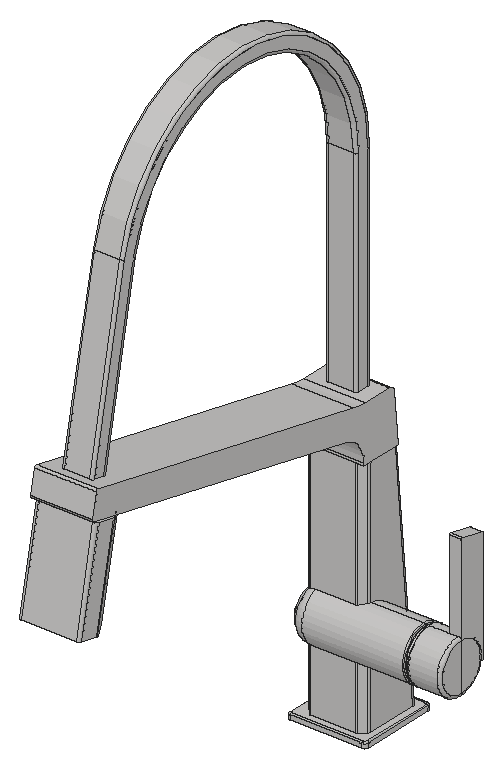
Revit family "fg9693-dst_bim", category Plumbing Fixtures, host Face, Revit 2014
Parameters (values of type "Standard")
  Width = 2 5/32"  # constant formula
  Vent Connection = no
  URL = ""
  Manufacturer = ""
  Faucet Material = Metal - Delta - Stainless-Steel
  Model = "fg9693"  # constant formula
  Height = 18 19/32"  # constant formula
  Description = "Faucet"  # constant formula
  Depth = 2 1/4"  # constant formula
  Default Elevation = 0"
Reference planes (in)
  plane 1 "Center (Front/Back)": y = 0
  plane 2: z = 0
  plane 3 "Center (Left/Right)": x = 0
  plane 4: y = 1.125
  plane 5: y = -1.125
  plane 6: z = 18.59375
  plane 7: x = 10.125
  plane 8: x = -1.07812
  plane 9: x = 1.07813
Forms (in)
  Sweep 1, solid, material "Metal - Delta - Stainless-Steel" <- "Faucet Material"
    path origin (0, 0, 0) x (1, 0, 0) y (0, 1, 0)
      loop
        arc (-0.98088, 1.125) -> (-1.04964, 1.09652) -> (-1.07812, 1.02775) r 0.09725
        line (-1.07812, 1.02775) -> (-1.07812, -1.03928)
        arc (-1.07812, -1.03928) -> (-1.05302, -1.09989) -> (-0.9924, -1.125) r 0.08572
        line (-0.9924, -1.125) -> (0.9842, -1.125)
        arc (0.9842, -1.125) -> (1.05062, -1.09749) -> (1.07813, -1.03108) r 0.09392
        line (1.07813, -1.03108) -> (1.07813, 1.02789)
        arc (1.07813, 1.02789) -> (1.04968, 1.09656) -> (0.98101, 1.125) r 0.09711
        line (0.98101, 1.125) -> (-0.98088, 1.125)
    profile origin (0.00007, 1.125, 0) x (0, 1, 0) y (0, 0, 1)
      loop
        line (0, 0) -> (0, 0.11957)
        arc (0, 0.11957) -> (-0.00891, 0.14109) -> (-0.03043, 0.15) r 0.03043
        line (-0.03043, 0.15) -> (-0.0667, 0.15) -> (-0.0667, 0) -> (0, 0)
  Extrusion 2, solid, material "Metal - Delta - Stainless-Steel" <- "Faucet Material"
    sketch origin (-0.98088, 1.0583, 0.15) x (1, 0, 0) y (0, 1, 0)
      loop
        line (-0.03055, -2.1166) -> (1.96508, -2.1166)
        arc (1.96508, -2.1166) -> (1.98433, -2.10863) -> (1.9923, -2.08937) r 0.02722
        line (1.9923, -2.08937) -> (1.9923, -0.03041)
        arc (1.9923, -0.03041) -> (1.98339, -0.00891) -> (1.96189, 0) r 0.03041
        line (1.96189, 0) -> (0, 0)
        arc (0, 0) -> (-0.0216, -0.00895) -> (-0.03055, -0.03055) r 0.03055
        line (-0.03055, -0.03055) -> (-0.03055, -2.1166)
    from 0 to -0.15
  Blend 3, solid, material "Metal - Delta - Stainless-Steel" <- "Faucet Material"
    base sketch origin (0, 0, 0) x (1, 0, 0) y (0, 1, 0)
      loop
        arc (-0.7686, 0.88698) -> (-0.82616, 0.86314) -> (-0.85, 0.80558) r 0.0814
        line (-0.85, 0.80558) -> (-0.85, -0.66602)
        arc (-0.85, -0.66602) -> (-0.84376, -0.69741) -> (-0.82597, -0.72403) r 0.08203
        line (-0.82597, -0.72403) -> (-0.67403, -0.87597)
        arc (-0.67403, -0.87597) -> (-0.64741, -0.89376) -> (-0.61602, -0.9) r 0.08203
        line (-0.61602, -0.9) -> (0.61602, -0.9)
        arc (0.61602, -0.9) -> (0.64741, -0.89376) -> (0.67403, -0.87597) r 0.08203
        line (0.67403, -0.87597) -> (0.82597, -0.72403)
        arc (0.82597, -0.72403) -> (0.84376, -0.69741) -> (0.85, -0.66602) r 0.08203
        line (0.85, -0.66602) -> (0.85, 0.80333)
        arc (0.85, 0.80333) -> (0.8255, 0.86248) -> (0.76634, 0.88698) r 0.08366
        line (0.76634, 0.88698) -> (-0.7686, 0.88698)
    top sketch origin (0, 0, 0) x (1, 0, 0) y (0, 1, 0)
      loop
        line (-0.61602, -0.9) -> (0.61602, -0.9)
        arc (0.61602, -0.9) -> (0.64741, -0.89376) -> (0.67403, -0.87597) r 0.08203
        line (0.67403, -0.87597) -> (0.82597, -0.72403)
        arc (0.82597, -0.72403) -> (0.84376, -0.69741) -> (0.85, -0.66602) r 0.08203
        line (0.85, -0.66602) -> (0.85, 0.19096)
        arc (0.85, 0.19096) -> (0.82597, 0.24897) -> (0.76797, 0.27299) r 0.08203
        line (0.76797, 0.27299) -> (-0.76797, 0.27299)
        arc (-0.76797, 0.27299) -> (-0.82597, 0.24897) -> (-0.85, 0.19096) r 0.08203
        line (-0.85, 0.19096) -> (-0.85, -0.66602)
        arc (-0.85, -0.66602) -> (-0.84376, -0.69741) -> (-0.82597, -0.72403) r 0.08203
        line (-0.82597, -0.72403) -> (-0.67403, -0.87597)
        arc (-0.67403, -0.87597) -> (-0.64741, -0.89376) -> (-0.61602, -0.9) r 0.08203
    from 0.15 to 6.835
  Revolve 4, solid, material "Metal - Delta - Stainless-Steel" <- "Faucet Material"
    sketch origin (0, -0.67969, 0.13438) x (1, 0, 0) y (0, 0, 1)
      loop
        line (2.3231, 3.22892) -> (-0.46233, 3.22892)
        arc (-0.46233, 3.22892) -> (-0.58879, 3.20662) -> (-0.69999, 3.14241) r 0.36973
        line (-0.69999, 3.14241) -> (-0.79625, 3.06165)
        arc (-0.79625, 3.06165) -> (-0.8359, 3.00997) -> (-0.85, 2.94637) r 0.15048
        line (-0.85, 2.94637) -> (-0.85, 2.50138) -> (2.65549, 2.50138) -> (2.65549, 2.87825)
        arc (2.65549, 2.87825) -> (2.64762, 2.92576) -> (2.62486, 2.96821) r 0.14739
        arc (2.62486, 2.96821) -> (2.51741, 3.08022) -> (2.38843, 3.16656) r 0.7191
        arc (2.38843, 3.16656) -> (2.36957, 3.17215) -> (2.35, 3.1702) r 0.0511
        line (2.35, 3.1702) -> (2.35, 3.20202)
        arc (2.35, 3.20202) -> (2.34212, 3.22104) -> (2.3231, 3.22892) r 0.0269
      axis (2.65549, 2.50138) -> (-0.85, 2.50138)
    angle from 0 to 360
  Revolve 5, solid, material "Metal - Delta - Stainless-Steel" <- "Faucet Material"
    sketch origin (0, -0.67969, 0.13438) x (1, 0, 0) y (0, 0, 1)
      loop
        line (2.46886, 3.15222) -> (3.21542, 3.15222) -> (3.21542, 2.50088) -> (3.36886, 2.50088) -> (3.36886, 3.15257)
        arc (3.36886, 3.15257) -> (3.34511, 3.20991) -> (3.28777, 3.23366) r 0.08109
        line (3.28777, 3.23366) -> (2.48954, 3.23366)
        arc (2.48954, 3.23366) -> (2.47492, 3.2276) -> (2.46886, 3.21298) r 0.02068
        line (2.46886, 3.21298) -> (2.46886, 3.15222)
      axis (3.36886, 2.50088) -> (2.46886, 2.50088)
    angle from 0 to 360
  Extrusion 6, solid, material "Metal - Delta - Stainless-Steel" <- "Faucet Material"
    sketch origin (0, 0.02344, 0.13438) x (0, 1, 0) y (0, 0, 1)
      loop
        arc (0.03, 5.51599) -> (0.02142, 5.54023) -> (-0.00051, 5.55367) r 0.03852
        line (-0.00051, 5.55367) -> (-0.65408, 5.69259)
        arc (-0.65408, 5.69259) -> (-0.68591, 5.68495) -> (-0.7, 5.65541) r 0.03801
        line (-0.7, 5.65541) -> (-0.7, 2.36469) -> (0.03, 2.36469) -> (0.03, 5.51599)
    from 3.03683 to 3.36886
  Extrusion 7, solid, material "Metal - Delta - Stainless-Steel" <- "Faucet Material"
    sketch origin (0, 0, 0) x (0, 1, 0) y (0, 0, 1)
      loop
        line (0.273, 6.835) -> (0.14392, 8.23276)
        arc (0.14392, 8.23276) -> (0.09243, 8.33624) -> (-0.01534, 8.378) r 0.15994
        line (-0.01534, 8.378) -> (-0.8338, 8.378)
        arc (-0.8338, 8.378) -> (-1.04905, 8.38928) -> (-1.26194, 8.423) r 2.05923
        line (-1.26194, 8.423) -> (-10.0734, 10.29593)
        arc (-10.0734, 10.29593) -> (-10.11217, 10.28875) -> (-10.13451, 10.25625) r 0.05152
        line (-10.13451, 10.25625) -> (-10.27136, 9.61243)
        arc (-10.27136, 9.61243) -> (-10.26365, 9.57083) -> (-10.22878, 9.54687) r 0.05527
        line (-10.22878, 9.54687) -> (-1.54159, 7.70035)
        arc (-1.54159, 7.70035) -> (-1.08051, 7.4178) -> (-0.9, 6.90806) r 0.80999
        line (-0.9, 6.90806) -> (-0.9, 6.835) -> (0.273, 6.835)
    from -0.85129 to 0.84871
  Extrusion 8, solid, material "Metal - Delta - Stainless-Steel" <- "Faucet Material"
    sketch origin (0, -8.84636, 9.25303) x (0, 0.978148, -0.207912) y (1, 0, 0)
      loop
        arc (-1.43086, -0.67096) -> (-1.401, -0.74373) -> (-1.32864, -0.77456) r 0.10361
        line (-1.32864, -0.77456) -> (-0.84021, -0.78111)
        arc (-0.84021, -0.78111) -> (-0.80598, -0.77665) -> (-0.7744, -0.76271) r 0.12112
        line (-0.7744, -0.76271) -> (-0.17868, -0.39046)
        arc (-0.17868, -0.39046) -> (-0.13717, -0.34672) -> (-0.12207, -0.28834) r 0.12042
        line (-0.12207, -0.28834) -> (-0.12207, 0.45898)
        arc (-0.12207, 0.45898) -> (-0.12984, 0.48956) -> (-0.15125, 0.51272) r 0.06407
        line (-0.15125, 0.51272) -> (-0.74755, 0.89996)
        arc (-0.74755, 0.89996) -> (-0.78346, 0.91652) -> (-0.82259, 0.92219) r 0.13779
        line (-0.82259, 0.92219) -> (-1.35197, 0.92219)
        arc (-1.35197, 0.92219) -> (-1.40775, 0.89908) -> (-1.43086, 0.8433) r 0.07889
        line (-1.43086, 0.8433) -> (-1.43086, -0.67096)
      loop
        circle (-0.83062, 0.01918) r 0.54518
      loop
        circle (-0.83062, 0.01918) r 0.41202
      loop
        circle (-0.83062, 0.01918) r 0.25
      loop
        circle (-0.83062, 0.01918) r 0.10537
    from 0 to 2.76532
  Extrusion 9, solid, material "Metal - Delta - Stainless-Steel" <- "Faucet Material"
    sketch origin (0, 0, 0) x (0, 1, 0) y (0, 0, 1)
      loop
        line (-9.10949, 7.50825) -> (-9.15262, 8.00123)
        arc (-9.15262, 8.00123) -> (-9.16018, 8.17426) -> (-9.15262, 8.34729) r 1.9853
        line (-9.15262, 8.34729) -> (-9.12418, 8.67236) -> (-9.37418, 8.67236) -> (-9.43955, 7.92521) -> (-9.43955, 7.42521) -> (-9.15854, 7.4498)
        arc (-9.15854, 7.4498) -> (-9.12191, 7.46887) -> (-9.10949, 7.50825) r 0.05396
    from -0.24229 to 0.23971
  Sweep 10, solid, material "Metal - Delta - Stainless-Steel" <- "Faucet Material"
    path origin (0, 0, 0) x (0, 1, 0) y (0, 0, 1)
      loop
        line (-0.412, 7.998) -> (-0.412, 14.29104)
        arc (-0.412, 14.29104) -> (-4.04304, 18.32372) -> (-8.43317, 15.1341) r 4.05489
        line (-8.43317, 15.1341) -> (-9.5299, 9.97436)
    profile origin (0, -0.412, 11.14452) x (0, -1, 0) y (1, 0, 0)
      loop
        arc (-0.27249, -0.34426) -> (-0.24846, -0.40226) -> (-0.19046, -0.42629) r 0.08203
        line (-0.19046, -0.42629) -> (0.13297, -0.42629)
        arc (0.13297, -0.42629) -> (0.19097, -0.40226) -> (0.215, -0.34426) r 0.08203
        line (0.215, -0.34426) -> (0.215, 0.34168)
        arc (0.215, 0.34168) -> (0.19097, 0.39969) -> (0.13297, 0.42371) r 0.08203
        line (0.13297, 0.42371) -> (-0.19118, 0.42371)
        arc (-0.19118, 0.42371) -> (-0.24868, 0.3999) -> (-0.27249, 0.3424) r 0.08131
        line (-0.27249, 0.3424) -> (-0.27249, -0.34426)
Cuts and joins
  joined: Sweep 1, Extrusion 2
  joined: Extrusion 7, Sweep 10
Dimensions and locks (in)
  equal spacing: plane 4, plane 1 "Center (Front/Back)", plane 5
  "Depth": plane 4 to plane 5
  "Height": plane 6 to plane 2
  equal spacing: plane 8, plane 3 "Center (Left/Right)", plane 9
  "Width": plane 8 to plane 9
  aligned and locked: plane 2 to host face
  aligned and locked: level to host face
Automatic sketch dimensions
  host sketch curve to host sketch curve = 96"  (x2)
  Sweep 1 sketch curve to plane 8 = 0"
  Sweep 1 sketch curve to plane 5 = 0"
  Sweep 1 sketch curve to plane 4 = 0"
  Sweep 1 sketch curve to plane 9 = 0"
  plane 5 to Sweep 1 sketch curve = 0.08572"
  Sweep 1 sketch curve to Sweep 1 sketch curve = 0.09725"
  Sweep 1 sketch curve to Sweep 1 sketch curve = 0.09711"
  Sweep 1 sketch curve to Sweep 1 sketch curve = 0.09392"
  Sweep 1 sketch curve to profile plane = 0"  (x2)
  Sweep 1 sketch curve to Sweep 1 sketch curve = 0.03043"
  Sweep 1 sketch curve to Sweep 1 sketch curve = 0.0667"
  Sweep 1 sketch curve to Sweep 1 sketch curve = 0.11957"
  Extrusion 2 sketch curve to Sweep 1 = 0.03041"
  plane 8 to Blend 3 sketch curve = 0.22812"  (x2)
  Blend 3 sketch curve to Blend 3 sketch curve = 0.02403"  (x5)
  Blend 3 sketch curve to Blend 3 sketch curve = 0.0814"
  Blend 3 sketch curve to Blend 3 sketch curve = 0.058"  (x8)
  Blend 3 sketch curve to Blend 3 sketch curve = 0.15195"  (x8)
  plane 5 to Blend 3 sketch curve = 0.30703"
  Blend 3 sketch curve to plane 9 = 0.4621"  (x2)
  Blend 3 sketch curve to plane 9 = 0.31178"
  plane 5 to Blend 3 sketch curve = 0.24903"  (x2)
  Blend 3 sketch curve to plane 4 = 0.32167"
  Blend 3 sketch curve to Blend 3 sketch curve = 21/256"  (x2)
  plane 5 to Blend 3 sketch curve = 0.225"
  Blend 3 sketch curve to plane 9 = 0.31016"
  Blend 3 sketch curve to plane 1 "Center (Front/Back)" = 0.19096"
  plane 8 to Revolve 4 sketch curve = 0.22812"
  Revolve 4 sketch curve to Revolve 4 sketch curve = 0.05375"
  Revolve 4 sketch curve to Revolve 4 sketch curve = 0.09626"
  Revolve 4 sketch curve to Revolve 4 sketch curve = 0.15048"
  Revolve 4 sketch curve to Revolve 4 sketch curve = 0.23719"
  plane 9 to Revolve 4 sketch curve = 0.9771"
  Revolve 4 sketch curve to Revolve 4 sketch curve = 0.26787"
  Revolve 4 sketch curve to Revolve 4 sketch curve = 0.0269"
  Revolve 4 sketch curve to Revolve 4 sketch curve = 0.01475"
  Revolve 4 sketch curve to Revolve 4 sketch curve = 0.14335"
  Revolve 4 sketch curve to Revolve 4 sketch curve = 0.14739"
  level to Revolve 4 sketch curve = 2.63575"
  Revolve 4 sketch curve to Revolve 4 sketch curve = 0.02794"  (x2)
  Revolve 4 sketch curve to Revolve 4 sketch curve = 0.35781"
  Revolve 4 sketch curve to Revolve 4 sketch curve = 0.37687"
  Revolve 4 sketch curve to Revolve 4 sketch curve = 0.08719"
  Revolve 4 sketch curve to Revolve 4 sketch curve = 0.24303"
  Revolve 4 sketch curve to Revolve 4 sketch curve = 0.08077"
  Revolve 4 sketch curve to Revolve 4 sketch curve = 0.03181"
  Revolve 4 sketch curve to plane 9 = 0.04752"
  plane 9 to Revolve 4 sketch curve = 0.16789"
  Revolve 4 sketch curve to Revolve 4 sketch curve = 0"
  plane 9 to Revolve 5 sketch curve = 1.39074"
  Revolve 5 sketch curve to Revolve 5 sketch curve = 0.02068"
  Revolve 5 sketch curve to Revolve 5 sketch curve = 0.72588"
  Revolve 5 sketch curve to Revolve 5 sketch curve = 0.07235"
  Revolve 5 sketch curve to Revolve 5 sketch curve = 0.08109"
  level to Revolve 5 sketch curve = 2.63525"
  Revolve 5 sketch curve to Revolve 5 sketch curve = 0.65134"
  Revolve 5 sketch curve to Revolve 5 sketch curve = 0.00035"
  Revolve 5 sketch curve to Revolve 5 sketch curve = 0.12725"
  Revolve 5 sketch curve to Revolve 5 sketch curve = 0.05228"
  Revolve 5 sketch curve to Revolve 5 sketch curve = 0"
  plane 5 to Extrusion 6 sketch curve = 0.44844"
  Extrusion 6 sketch curve to Extrusion 6 sketch curve = 0.03801"
  Extrusion 6 sketch curve to Extrusion 6 sketch curve = 0.0079"
  Extrusion 6 sketch curve to plane 1 "Center (Front/Back)" = 0.01492"
  Extrusion 6 sketch curve to plane 1 "Center (Front/Back)" = 0.02293"
  Extrusion 6 sketch curve to plane 1 "Center (Front/Back)" = 0.05344"
  level to Extrusion 6 sketch curve = 2.49907"
  Extrusion 6 sketch curve to Extrusion 6 sketch curve = 3.1513"
  Extrusion 6 sketch curve to Extrusion 6 sketch curve = 0.13941"
  Extrusion 8 sketch curve to Extrusion 8 sketch curve = 0"  (x18)
  Extrusion 8 sketch curve to Extrusion 7 = 0.07348"
  Extrusion 8 sketch curve to Extrusion 8 sketch curve = 0.07889"
  Extrusion 7 to Extrusion 8 sketch curve = 0.07673"
  Extrusion 8 sketch curve to Extrusion 8 sketch curve = 0.10361"
  Extrusion 7 to Extrusion 8 sketch curve = 0.07018"
  Extrusion 8 sketch curve to Extrusion 8 sketch curve = 0.48843"
  Extrusion 8 sketch curve to Extrusion 8 sketch curve = 0.00162"
  Extrusion 7 to Extrusion 8 sketch curve = 0.06431"
  Extrusion 8 sketch curve to Extrusion 8 sketch curve = 0.52938"
  Extrusion 7 to Extrusion 8 sketch curve = 0.08858"
  Extrusion 8 sketch curve to Extrusion 8 sketch curve = 0.06581"
  Extrusion 8 sketch curve to Extrusion 7 = 0.05125"
  Extrusion 8 sketch curve to Extrusion 8 sketch curve = 0.58812"
  Extrusion 8 sketch curve to Extrusion 8 sketch curve = 0.5614"
  Extrusion 7 to Extrusion 8 sketch curve = 0.46082"
  Extrusion 8 sketch curve to Extrusion 8 sketch curve = 0.06381"
  Extrusion 7 to Extrusion 8 sketch curve = 0.33599"
  Extrusion 8 sketch curve to Extrusion 8 sketch curve = 0.0349"
  Extrusion 8 sketch curve to Extrusion 8 sketch curve = 0.02918"
  Extrusion 8 sketch curve to Extrusion 8 sketch curve = 0.30752"
  Extrusion 9 sketch curve to plane 5 = 8.31455"
  Extrusion 9 sketch curve to Extrusion 9 sketch curve = 0.06537"
  Extrusion 9 sketch curve to Extrusion 9 sketch curve = 0.2763"
  Extrusion 9 sketch curve to Extrusion 9 sketch curve = 0.0047"
  Extrusion 9 sketch curve to Extrusion 9 sketch curve = 0.28693"
  Extrusion 9 sketch curve to Extrusion 9 sketch curve = 0"
  Extrusion 9 sketch curve to Extrusion 9 sketch curve = 1/4"
  Extrusion 9 sketch curve to Extrusion 9 sketch curve = 0.05375"  (x2)
  Extrusion 9 sketch curve to Extrusion 9 sketch curve = 1.97775"
  level to Extrusion 9 sketch curve = 7.42521"
  Extrusion 9 sketch curve to Extrusion 9 sketch curve = 0.02458"
  Extrusion 9 sketch curve to Extrusion 9 sketch curve = 1/2"
  Extrusion 9 sketch curve to Extrusion 9 sketch curve = 0.07602"
  Extrusion 9 sketch curve to Extrusion 9 sketch curve = 0.17303"
  Extrusion 9 sketch curve to Extrusion 9 sketch curve = 0.32507"
  plane 6 to Sweep 10 sketch curve = 3.45965"
  Sweep 10 sketch curve to plane 5 = 7.30817"
  Sweep 10 sketch curve to plane 5 = 3.34189"
  plane 1 "Center (Front/Back)" to Sweep 10 sketch curve = 0.412"
  Sweep 10 sketch curve to Sweep 10 sketch curve = 1.09674"
  Sweep 10 sketch curve to Sweep 10 sketch curve = 5.15974"
  Sweep 10 sketch curve to Sweep 10 sketch curve = 6.29304"
  profile plane to Sweep 10 sketch curve = 0.27249"
  Sweep 10 sketch curve to Sweep 10 sketch curve = 0.08131"
  Sweep 10 sketch curve to Sweep 10 sketch curve = 21/256"  (x2)
  Sweep 10 sketch curve to profile plane = 0.13297"  (x2)
  Sweep 10 sketch curve to plane 3 "Center (Left/Right)" = 0.42629"
  plane 3 "Center (Left/Right)" to Sweep 10 sketch curve = 0.34168"
  Extrusion 7 sketch curve to plane 5 = 9.14636"
  Extrusion 7 sketch curve to Extrusion 7 sketch curve = 0.04257"
  Extrusion 7 sketch curve to Extrusion 7 sketch curve = 0.01149"
  Extrusion 7 sketch curve to Extrusion 7 sketch curve = 0.13685"
  Extrusion 7 sketch curve to Extrusion 7 sketch curve = 0.0504"
  Extrusion 7 sketch curve to Extrusion 7 sketch curve = 0.01071"  (x2)
  Extrusion 7 sketch curve to plane 5 = 0.58499"
  Extrusion 7 sketch curve to plane 5 = 0.41659"
  Extrusion 7 sketch curve to plane 5 = 0.13694"
  plane 5 to Extrusion 7 sketch curve = 0.225"
  plane 5 to Extrusion 7 sketch curve = 0.2912"
  plane 1 "Center (Front/Back)" to Extrusion 7 sketch curve = 0.01534"
  Extrusion 7 sketch curve to plane 1 "Center (Front/Back)" = 0.14392"
  Extrusion 7 sketch curve to plane 1 "Center (Front/Back)" = 0.273"
  level to Extrusion 7 sketch curve = 6.835"
  Extrusion 7 sketch curve to Extrusion 7 sketch curve = 0.07306"
  Extrusion 7 sketch curve to Extrusion 7 sketch curve = 1.38306"
  Extrusion 7 sketch curve to Extrusion 7 sketch curve = 0.01471"
  Extrusion 7 sketch curve to Extrusion 7 sketch curve = 0.045"
  Extrusion 7 sketch curve to Extrusion 7 sketch curve = 1.84652"
  Extrusion 7 sketch curve to Extrusion 7 sketch curve = 0.05407"
  Extrusion 7 sketch curve to Extrusion 7 sketch curve = 0.6446"
  Extrusion 7 to Extrusion 8 sketch curve = 0.01755"
  Extrusion 8 sketch curve to Extrusion 7 = 0.08467"
  Extrusion 8 sketch curve to Extrusion 7 = 0.58269"
  radius of Extrusion 2 sketch curve to Sweep 1 = 0"  (x2)
  radius of Extrusion 8 sketch curve = 0.54518"
  radius of Extrusion 8 sketch curve = 0.41202"
  radius of Extrusion 8 sketch curve = 1/4"
  radius of Extrusion 8 sketch curve = 0.10537"
